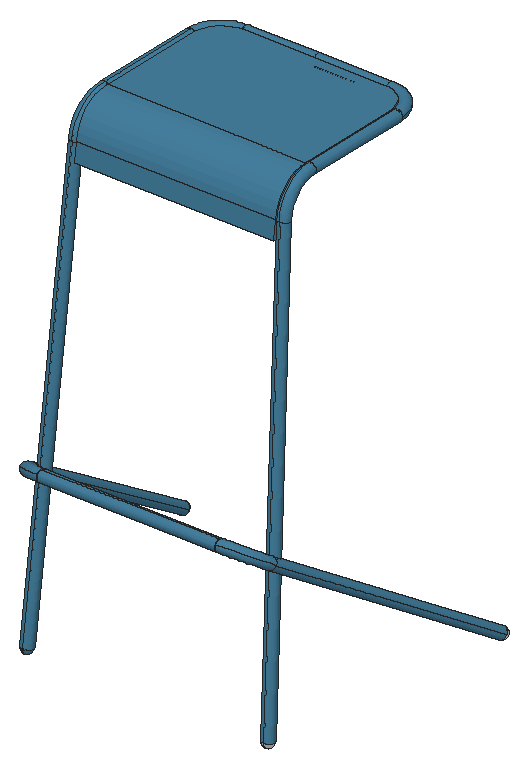
Revit family "Haworth_Alodia_Stool", category Furniture, Revit 2018
Family settings
  OmniClass Number = 23.40.70.14.64.21
  OmniClass Title = Systems Furniture
  Work Plane-Based = No
  Always vertical = Yes
  Cut with Voids When Loaded = No
  Shared = No
  Room Calculation Point = No
Parameters (values of type "HCCE-AL - High")
  Warranty = "http://www.haworth.com/resources/product-info/warranties"
  URL - Product = "http://www.haworth.com/products/Seating/Stools/alodia"
  Seat Finish [instance] = Haworth _ Paint _ Collection Blue
  Low = no
  High = not(Low)  # yes
  Foot Bar Straight = 5 211/256" * 2  # 11 83/128"
  Bar Height = 11 193/256"  # constant formula
  Model = "HCCE-AL"
  Description = "Haworth Alodia Stool"
  URL = "http://www.haworth.com/our-brands/haworth-collection"
  Size = "Verify Final Dim. w/ Haworth"  # constant formula
  Revision Number = "4"  # constant formula
  Manufacturer = "Haworth"  # constant formula
  Base Width Top = 14"  # constant formula
  Base Width Bottom = 15 3/4"  # constant formula
  Base Depth Top = 9"  # constant formula
  Author = "Haworth (Hampton)"  # constant formula
  Assembly Code = "E2020200"
  Actual Width = 21 1/4"  # constant formula
  Actual Height = if(Low, 27 1/2", 31 1/2")  # 31 1/2"
  Actual Depth = 18"  # constant formula
Types (2): name | Low | High | Actual Height
  HCCE-AL - High | no | yes | 31 1/2"
  HCCE-AL - Low | yes | no | 27 1/2"
Reference planes (in)
  plane 1 "Center F/B": y = 0
  plane 2: z = 0
  plane 3 "Center L/R": x = 0
  plane 4 "Top": z = 31.5
  plane 5 "Left": x = -7.875
  plane 6 "Right": x = 7.875
  plane 7: through (-10.71875, -180, 0) normal (-0.0262, 0, -0.9997)
  plane 8 "Base Width Top Left": x = -7
  plane 9 "Base Wdith Top Right": x = 7
  plane 10 "Base Depth Front Top": y = -4.5
  plane 11 "Base Depth Back Top": y = 4.5
  plane 12 "Bar Support": z = 11.75391
  plane 13 "Left Angle": through (-8.09543, -180, 0.71933) normal (-0.9993, 0, 0.037)
  plane 14 "Leg Bottom": through (480, -4.93142, 0.40186) normal (0, 0.0902, 0.9959)
  plane 15 "Leg Left": through (480, -4.28643, 0.34347) normal (0, -0.9959, 0.0902)
  plane 16 "Foot Bar Angle": through (480, -6.02361, 11.96806) normal (0, 0.5403, 0.8415)
  plane 17 "Foot Left": x = -5.82422
  plane 18 "Foot Right": x = 5.82422
Forms (in)
  Sweep 1, solid, material "Haworth _ Paint _ Collection Blue" <- "Seat Finish", visible <- "Low"
    path origin (-8.09591, -180, 0.70635) x (-0.037033, 0, -0.999314) y (0, -1, 0)
      loop
        line (-26.81694, -187.68263) -> (-26.81694, -180.22883)
        arc (-26.81694, -180.22883) -> (-26.22815, -178.71132) -> (-24.76995, -177.98801) r 2.25
        line (-24.76995, -177.98801) -> (0.34972, -175.71226)
    profile origin (-7.64374, -3.14986, 12.90809) x (0.003341, -0.995921, 0.090165) y (-0.999314, 0, 0.037033)
      loop
        circle (0, -0.35865) r 0.375
  Sweep 2, solid, material "Haworth _ Paint _ Collection Blue" <- "Seat Finish"
    path origin (0, 0, 31.5) x (-1, 0, 0) y (0, -1, 0)
      loop
        line (0, -9.69051) -> (4.75, -9.69051)
        arc (4.75, -9.69051) -> (6.16978, -9.10241) -> (6.75788, -7.68263) r 2.00788
    profile origin (-2.375, 9.69051, 31.5) x (0, -1, 0) y (0, 0, 1)
      loop
        circle (0, 0) r 0.375
  Revolve 3, solid, material "Haworth _ Paint _ Collection Blue" <- "Seat Finish", visible <- "Low"
    sketch origin (-7.74261, -0.00008, -0.00093) x (0.036732, 0.000062, 0.999325) y (0.003323, 0.999994, -0.000184)
      loop
        arc (0.05537, -4.5228) -> (0.20376, -4.62075) -> (0.37725, -4.65961) r 0.49231
        line (0.37725, -4.65961) -> (0.34347, -4.28643) -> (0.03649, -4.31423) -> (0.05537, -4.5228)
      axis (0.03649, -4.31423) -> (0.34347, -4.28643)
    angle from 0 to 360
  Sweep 4, solid, material "Haworth _ Paint _ Collection Blue" <- "Seat Finish", visible <- "High"
    path origin (-8.09613, -180, 0.70035) x (-0.037033, 0, -0.999314) y (0, -1, 0)
      loop
        line (-30.82782, -187.68263) -> (-30.82782, -180.59382)
        arc (-30.82782, -180.59382) -> (-30.23904, -179.0763) -> (-28.78083, -178.353) r 2.25
        line (-28.78083, -178.353) -> (0.34986, -175.71386)
    profile origin (-7.5697, -2.96657, 14.90609) x (0.003341, -0.995921, 0.090165) y (-0.999314, 0, 0.037033)
      loop
        circle (0, -0.19676) r 0.375
  Revolve 5, solid, material "Haworth _ Paint _ Collection Blue" <- "Seat Finish", visible <- "High"
    sketch origin (-7.90814, -0.00008, -0.00093) x (0.036732, 0.000062, 0.999325) y (0.003323, 0.999994, -0.000184)
      loop
        arc (0.05537, -4.5228) -> (0.20376, -4.62075) -> (0.37725, -4.65961) r 0.49231
        line (0.37725, -4.65961) -> (0.34347, -4.28643) -> (0.03649, -4.31423) -> (0.05537, -4.5228)
      axis (0.03649, -4.31423) -> (0.34347, -4.28643)
    angle from 0 to 360
  Sweep 6, solid, material "Haworth _ Paint _ Collection Blue" <- "Seat Finish", visible <- "Low"
    path origin (8.09591, -180, 0.70635) x (0.037033, 0, -0.999314) y (0, 1, 0)
      loop
        line (-26.81694, 187.68263) -> (-26.81694, 180.22883)
        arc (-26.81694, 180.22883) -> (-26.22815, 178.71132) -> (-24.76995, 177.98801) r 2.25
        line (-24.76995, 177.98801) -> (0.34972, 175.71226)
    profile origin (7.64374, -3.14986, 12.90809) x (0.003341, 0.995921, -0.090165) y (0.999314, 0, 0.037033)
      loop
        circle (0, -0.35865) r 0.375
  Sweep 7, solid, material "Haworth _ Paint _ Collection Blue" <- "Seat Finish"
    path origin (0, 0, 31.5) x (1, 0, 0) y (0, -1, 0)
      loop
        line (0, -9.69051) -> (4.75, -9.69051)
        arc (4.75, -9.69051) -> (6.16978, -9.10241) -> (6.75788, -7.68263) r 2.00788
    profile origin (2.375, 9.69051, 31.5) x (0, 1, 0) y (0, 0, 1)
      loop
        circle (0, 0) r 0.375
  Revolve 8, solid, visible <- "Low"
    sketch origin (7.74261, -0.00008, -0.00093) x (-0.036732, 0.000062, 0.999325) y (0.003323, -0.999994, 0.000184)
      loop
        line (0.05537, 4.5228) -> (0.03649, 4.31423) -> (0.34347, 4.28643) -> (0.37725, 4.65961)
        arc (0.37725, 4.65961) -> (0.20376, 4.62075) -> (0.05537, 4.5228) r 0.49231
      axis (0.03649, 4.31423) -> (0.34347, 4.28643)
    angle from 0 to 360
  Sweep 9, solid, material "Haworth _ Paint _ Collection Blue" <- "Seat Finish", visible <- "High"
    path origin (8.09613, -180, 0.70035) x (0.037033, 0, -0.999314) y (0, 1, 0)
      loop
        line (-30.82782, 187.68263) -> (-30.82782, 180.59382)
        arc (-30.82782, 180.59382) -> (-30.23904, 179.0763) -> (-28.78083, 178.353) r 2.25
        line (-28.78083, 178.353) -> (0.34986, 175.71386)
    profile origin (7.5697, -2.96657, 14.90609) x (0.003341, 0.995921, -0.090165) y (0.999314, 0, 0.037033)
      loop
        circle (0, -0.19676) r 0.375
  Revolve 10, solid, visible <- "High"
    sketch origin (7.90814, -0.00008, -0.00093) x (-0.036732, 0.000062, 0.999325) y (0.003323, -0.999994, 0.000184)
      loop
        line (0.05537, 4.5228) -> (0.03649, 4.31423) -> (0.34347, 4.28643) -> (0.37725, 4.65961)
        arc (0.37725, 4.65961) -> (0.20376, 4.62075) -> (0.05537, 4.5228) r 0.49231
      axis (0.03649, 4.31423) -> (0.34347, 4.28643)
    angle from 0 to 360
  Sweep 11, solid, material "Haworth _ Paint _ Collection Blue" <- "Seat Finish"
    path origin (0, 3.68281, 5.73541) x (0, -0.841462, 0.540317) y (1, 0, 0)
      loop
        line (-9.48457, -10.46633) -> (9.1358, -7.875)
        arc (9.1358, -7.875) -> (10.48393, -7.19168) -> (11.12768, -5.82422) r 2.32639
    profile origin (-9.17067, 3.82955, 5.64118) x (0.990455, 0.115985, -0.074476) y (0, 0.540317, 0.841462)
      loop
        circle (0, 0) r 0.375
  Revolve 12, solid, material "Haworth _ Paint _ Collection Blue" <- "Seat Finish"
    sketch origin (-10.02583, 13.99263, 4.19995) x (0.127816, -0.879587, 0.458247) y (0.116931, 0.472179, 0.873713)
      loop
        arc (0.05537, -4.5228) -> (0.20376, -4.62075) -> (0.37725, -4.65961) r 0.49231
        line (0.37725, -4.65961) -> (0.34347, -4.28643) -> (0.03649, -4.31423) -> (0.05537, -4.5228)
      axis (0.03649, -4.31423) -> (0.34347, -4.28643)
    angle from 0 to 360
  Sweep 13, solid, material "Haworth _ Paint _ Collection Blue" <- "Seat Finish"
    path origin (0, 3.68281, 5.73541) x (0, -0.841462, 0.540317) y (-1, 0, 0)
      loop
        line (-9.48457, -10.46633) -> (9.1358, -7.875)
        arc (9.1358, -7.875) -> (10.48393, -7.19168) -> (11.12768, -5.82422) r 2.32639
    profile origin (9.17067, 3.82955, 5.64118) x (0.990455, -0.115985, 0.074476) y (0, 0.540317, 0.841462)
      loop
        circle (0, 0) r 0.375
  Revolve 14, solid
    sketch origin (10.02583, 13.99263, 4.19995) x (-0.127816, -0.879587, 0.458247) y (0.116931, -0.472179, -0.873713)
      loop
        line (0.05537, 4.5228) -> (0.03649, 4.31423) -> (0.34347, 4.28643) -> (0.37725, 4.65961)
        arc (0.37725, 4.65961) -> (0.20376, 4.62075) -> (0.05537, 4.5228) r 0.49231
      axis (0.03649, 4.31423) -> (0.34347, 4.28643)
    angle from 0 to 360
  Extrusion 15, solid, material "Haworth _ Paint _ Collection Blue" <- "Seat Finish"
    sketch origin (7.875, 0, 0) x (0, 0, 1) y (0, -1, 0)
      loop
        circle (11.75391, 5.69009) r 0.375
    from -13.69922 to -2.05078
  Extrusion 16, solid, material "Haworth _ Paint _ Collection Blue" <- "Seat Finish"
    sketch origin (7.875, 0, 0) x (0, 0, 1) y (0, -1, 0)
      loop
        line (31.80597, -9.69779) -> (31.80597, -0.52082)
        arc (31.80597, -0.52082) -> (31.14917, 1.16815) -> (29.52386, 1.96966) r 2.5
        line (29.52386, 1.96966) -> (28.31973, 2.07501) -> (28.31973, 1.94953) -> (29.51297, 1.84514)
        arc (29.51297, 1.84514) -> (31.05701, 1.0837) -> (31.68097, -0.52082) r 2.375
        line (31.68097, -0.52082) -> (31.68097, -9.69779) -> (31.80597, -9.69779)
    from -14.875 to -0.875
  Extrusion 17, void
    sketch origin (0, 2.51474, 4.54288) x (0, -1, 0) y (1, 0, 0)
      loop
        line (7.30342, -6.88357) -> (6.36373, -6.54155) -> (-4.84773, -6.54155)
        arc (-4.84773, -6.54155) -> (-6.26194, -5.95576) -> (-6.84773, -4.54155) r 2
        line (-6.84773, -4.54155) -> (-6.84773, 4.54155)
        arc (-6.84773, 4.54155) -> (-6.26194, 5.95576) -> (-4.84773, 6.54155) r 2
        line (-4.84773, 6.54155) -> (6.36373, 6.54155) -> (7.30342, 6.88357) -> (7.30342, 7.63357) -> (-8.19658, 7.63357) -> (-8.19658, -7.63357) -> (7.30342, -7.63357) -> (7.30342, -6.88357)
    from 17.6949 to 29.95712
Cuts and joins
  joined: Sweep 2, Sweep 7
  Extrusion 17 cuts Extrusion 16
Lines and regions (in)
  Masking region 1
    outline origin (0, 0, 0) x (1, 0, 0) y (0, 1, 0)
      loop
        line (-7.29155, -2.63753) -> (7.29155, -2.63753) -> (7.29155, 7.61247)
        arc (7.29155, 7.61247) -> (6.55932, 9.38024) -> (4.79155, 10.11247) r 2.5
        line (4.79155, 10.11247) -> (-4.79155, 10.11247)
        arc (-4.79155, 10.11247) -> (-6.55932, 9.38024) -> (-7.29155, 7.61247) r 2.5
        line (-7.29155, 7.61247) -> (-7.29155, -2.63753)
  Masking region 2
    outline origin (0, 0, 0) x (1, 0, 0) y (0, 1, 0)
      loop
        line (-10.09491, 11.7072) -> (-10.83352, 11.57697) -> (-8.1963, -3.37945)
        arc (-8.1963, -3.37945) -> (-7.08473, -5.30473) -> (-4.99567, -6.06509) r 3.25
        line (-4.99567, -6.06509) -> (4.99567, -6.06509)
        arc (4.99567, -6.06509) -> (7.08473, -5.30473) -> (8.1963, -3.37945) r 3.25
        line (8.1963, -3.37945) -> (10.83352, 11.57697) -> (10.09491, 11.7072) -> (7.45769, -3.24921)
        arc (7.45769, -3.24921) -> (6.60264, -4.7302) -> (4.99567, -5.31509) r 2.5
        line (4.99567, -5.31509) -> (-4.99567, -5.31509)
        arc (-4.99567, -5.31509) -> (-6.60264, -4.7302) -> (-7.45769, -3.24921) r 2.5
        line (-7.45769, -3.24921) -> (-10.09491, 11.7072)
Dimensions and locks (in)
  "Actual Height": plane 4 "Top" to level
  "Base Width Bottom": plane 6 "Right" to plane 5 "Left"
  equal spacing: plane 9 "Base Wdith Top Right", plane 3 "Center L/R", plane 8 "Base Width Top Left"
  "Base Width Top": plane 9 "Base Wdith Top Right" to plane 8 "Base Width Top Left"
  equal spacing: plane 6 "Right", plane 3 "Center L/R", plane 5 "Left"
  "Bar Height": plane 12 "Bar Support" to level
  equal spacing: plane 10 "Base Depth Front Top", plane 1 "Center F/B", plane 11 "Base Depth Back Top"
  "Base Depth Top": plane 10 "Base Depth Front Top" to plane 11 "Base Depth Back Top"
  equal spacing: plane 17 "Foot Left", plane 3 "Center L/R", plane 18 "Foot Right"
  "Foot Bar Straight": plane 17 "Foot Left" to plane 18 "Foot Right"
Automatic sketch dimensions
  Sweep 1 sketch curve to plane 11 "Base Depth Back Top" = 3.18263"
  Sweep 1 sketch curve to Sweep 1 sketch curve = 2.04699"
  Sweep 1 sketch curve to plane 1 "Center F/B" = 0.22883"
  Sweep 1 sketch curve to Sweep 1 sketch curve = 2 1/4"
  plane 10 "Base Depth Front Top" to Sweep 1 sketch curve = 0.21226"
  Sweep 1 sketch curve to Sweep 1 sketch curve = 25.11967"
  profile plane to Sweep 1 sketch curve = 0"
  Sweep 1 sketch curve to plane 13 "Left Angle" = 0.35865"
  Sweep 2 sketch curve to plane 3 "Center L/R" = 0"
  plane 17 "Foot Left" to Sweep 2 sketch curve = 1 19/256"
  plane 8 "Base Width Top Left" to Sweep 2 sketch curve = 0.24212"
  Sweep 2 sketch curve to plane 11 "Base Depth Back Top" = 5.19051"
  Sweep 2 sketch curve to plane 4 "Top" = 0"
  Sweep 2 sketch curve to profile plane = 0"
  Revolve 3 sketch curve to Revolve 3 sketch curve = 0.26993"
  Revolve 3 sketch curve to Revolve 3 sketch curve = 0.01888"
  Revolve 3 sketch curve to Revolve 3 sketch curve = 0.30698"
  Revolve 3 sketch curve to Revolve 3 sketch curve = 0.32188"
  Revolve 3 sketch curve to Revolve 3 sketch curve = 0.05285"
  Revolve 3 sketch curve to Revolve 3 sketch curve = 0.73101"
  Revolve 3 sketch curve to Revolve 3 sketch curve = 0.1368"
  Revolve 3 sketch curve to Revolve 3 sketch curve = 0.02444"
  Revolve 3 sketch curve to Revolve 3 sketch curve = 0.0478"
  Sweep 4 sketch curve to plane 11 "Base Depth Back Top" = 3.18263"
  plane 1 "Center F/B" to Sweep 4 sketch curve = 1.647"
  Sweep 4 sketch curve to Sweep 4 sketch curve = 2.04699"
  Sweep 4 sketch curve to plane 1 "Center F/B" = 0.59382"
  plane 10 "Base Depth Front Top" to Sweep 4 sketch curve = 0.21386"
  Sweep 4 sketch curve to Sweep 4 sketch curve = 29.1307"
  profile plane to Sweep 4 sketch curve = 0"
  Sweep 4 sketch curve to profile plane = 0.19676"
  Revolve 5 sketch curve to Revolve 5 sketch curve = 0.26993"
  Revolve 5 sketch curve to Revolve 5 sketch curve = 0.01888"
  Revolve 5 sketch curve to Revolve 5 sketch curve = 0.30698"
  Revolve 5 sketch curve to Revolve 5 sketch curve = 0.32188"
  Revolve 5 sketch curve to Revolve 5 sketch curve = 0.05285"
  Revolve 5 sketch curve to Revolve 5 sketch curve = 0.73101"
  Revolve 5 sketch curve to Revolve 5 sketch curve = 0.1368"
  Revolve 5 sketch curve to Revolve 5 sketch curve = 0.02444"
  Revolve 5 sketch curve to Revolve 5 sketch curve = 0.0478"
  Sweep 6 sketch curve to plane 11 "Base Depth Back Top" = 3.18263"
  Sweep 6 sketch curve to Sweep 6 sketch curve = 2.04699"
  Sweep 6 sketch curve to plane 1 "Center F/B" = 0.22883"
  Sweep 6 sketch curve to Sweep 6 sketch curve = 0.20301"
  plane 10 "Base Depth Front Top" to Sweep 6 sketch curve = 0.21226"
  Sweep 6 sketch curve to Sweep 6 sketch curve = 25.11967"
  Sweep 6 sketch curve to profile plane = 0"
  Sweep 6 sketch curve to profile plane = 0.35865"
  Sweep 7 sketch curve to plane 3 "Center L/R" = 0"
  Sweep 7 sketch curve to plane 18 "Foot Right" = 1 19/256"
  Sweep 7 sketch curve to plane 9 "Base Wdith Top Right" = 0.24212"
  plane 11 "Base Depth Back Top" to Sweep 7 sketch curve = 5.19051"
  Sweep 7 sketch curve to plane 4 "Top" = 0"
  Sweep 7 sketch curve to profile plane = 0"
  Revolve 8 sketch curve to Revolve 8 sketch curve = 0.26993"
  Revolve 8 sketch curve to Revolve 8 sketch curve = 0.01888"
  Revolve 8 sketch curve to Revolve 8 sketch curve = 0.30698"
  Revolve 8 sketch curve to Revolve 8 sketch curve = 0.32188"
  Revolve 8 sketch curve to Revolve 8 sketch curve = 0.05285"
  Revolve 8 sketch curve to Revolve 8 sketch curve = 0.73101"
  Revolve 8 sketch curve to Revolve 8 sketch curve = 0.0478"
  Revolve 8 sketch curve to Revolve 8 sketch curve = 0.11877"
  Revolve 8 sketch curve to Revolve 8 sketch curve = 0.02444"
  Sweep 9 sketch curve to plane 11 "Base Depth Back Top" = 3.18263"
  plane 1 "Center F/B" to Sweep 9 sketch curve = 1.647"
  Sweep 9 sketch curve to Sweep 9 sketch curve = 2.04699"
  Sweep 9 sketch curve to plane 1 "Center F/B" = 0.59382"
  plane 10 "Base Depth Front Top" to Sweep 9 sketch curve = 0.21386"
  Sweep 9 sketch curve to Sweep 9 sketch curve = 29.1307"
  Sweep 9 sketch curve to profile plane = 0"
  Sweep 9 sketch curve to profile plane = 0.19676"
  Revolve 10 sketch curve to Revolve 10 sketch curve = 0.26993"
  Revolve 10 sketch curve to Revolve 10 sketch curve = 0.01888"
  Revolve 10 sketch curve to Revolve 10 sketch curve = 0.30698"
  Revolve 10 sketch curve to Revolve 10 sketch curve = 0.32188"
  Revolve 10 sketch curve to Revolve 10 sketch curve = 0.05285"
  Revolve 10 sketch curve to Revolve 10 sketch curve = 0.73101"
  Revolve 10 sketch curve to Revolve 10 sketch curve = 0.0478"
  Revolve 10 sketch curve to Revolve 10 sketch curve = 0.11877"
  Revolve 10 sketch curve to Revolve 10 sketch curve = 0.02444"
  Sweep 11 sketch curve to plane 5 "Left" = 0"
  Sweep 11 sketch curve to plane 17 "Foot Left" = 0"
  Sweep 11 sketch curve to plane 5 "Left" = 2.59133"
  plane 17 "Foot Left" to Sweep 11 sketch curve = 0.25341"
  Sweep 11 sketch curve to Sweep 11 sketch curve = 18.2997"
  Sweep 11 sketch curve to Sweep 11 sketch curve = 0.32067"
  Sweep 11 sketch curve to plane 16 "Foot Bar Angle" = 0"
  Sweep 11 sketch curve to profile plane = 0"
  Revolve 12 sketch curve to Revolve 12 sketch curve = 0.26993"
  Revolve 12 sketch curve to Revolve 12 sketch curve = 0.01888"
  Revolve 12 sketch curve to Revolve 12 sketch curve = 0.30698"
  Revolve 12 sketch curve to Revolve 12 sketch curve = 0.32188"
  Revolve 12 sketch curve to Revolve 12 sketch curve = 0.05285"
  Revolve 12 sketch curve to Revolve 12 sketch curve = 0.73101"
  Revolve 12 sketch curve to Revolve 12 sketch curve = 0.1368"
  Revolve 12 sketch curve to Revolve 12 sketch curve = 0.02444"
  Revolve 12 sketch curve to Revolve 12 sketch curve = 0.0478"
  Sweep 13 sketch curve to plane 6 "Right" = 0"
  Sweep 13 sketch curve to plane 18 "Foot Right" = 0"
  Sweep 13 sketch curve to plane 6 "Right" = 2.59133"
  Sweep 13 sketch curve to plane 18 "Foot Right" = 0.25341"
  Sweep 13 sketch curve to Sweep 13 sketch curve = 18.2997"
  Sweep 13 sketch curve to Sweep 13 sketch curve = 0.32067"
  Sweep 13 sketch curve to plane 16 "Foot Bar Angle" = 0"
  Sweep 13 sketch curve to profile plane = 0"
  Revolve 14 sketch curve to Revolve 14 sketch curve = 0.26993"
  Revolve 14 sketch curve to Revolve 14 sketch curve = 0.01888"
  Revolve 14 sketch curve to Revolve 14 sketch curve = 0.30698"
  Revolve 14 sketch curve to Revolve 14 sketch curve = 0.32188"
  Revolve 14 sketch curve to Revolve 14 sketch curve = 0.05285"
  Revolve 14 sketch curve to Revolve 14 sketch curve = 0.73101"
  Revolve 14 sketch curve to Revolve 14 sketch curve = 0.0478"
  Revolve 14 sketch curve to Revolve 14 sketch curve = 0.11877"
  Revolve 14 sketch curve to Revolve 14 sketch curve = 0.02444"
  Extrusion 15 sketch curve to plane 12 "Bar Support" = 0"
  Extrusion 15 sketch curve to plane 16 "Foot Bar Angle" = 0"
  Extrusion 16 sketch curve to Extrusion 16 sketch curve = 0"  (x2)
  Extrusion 16 sketch curve to plane 4 "Top" = 3.18027"
  Extrusion 16 sketch curve to plane 1 "Center F/B" = 0.52082"
  Extrusion 16 sketch curve to plane 4 "Top" = 2.19403"
  Extrusion 16 sketch curve to Extrusion 16 sketch curve = 1.19324"
  Extrusion 16 sketch curve to Extrusion 16 sketch curve = 0.01089"
  plane 4 "Top" to Extrusion 16 sketch curve = 0.18097"
  Extrusion 16 sketch curve to Extrusion 16 sketch curve = 1/8"
  Extrusion 16 sketch curve to plane 11 "Base Depth Back Top" = 5.19779"
  Extrusion 16 sketch curve to Extrusion 16 sketch curve = 0.10439"
  Extrusion 16 sketch curve to Extrusion 16 sketch curve = 0.12548"
  Extrusion 17 sketch curve to plane 6 "Right" = 0.24143"
  Extrusion 17 sketch curve to plane 11 "Base Depth Back Top" = 6.21132"
  plane 18 "Foot Right" to Extrusion 17 sketch curve = 1.28267"
  Extrusion 17 sketch curve to Extrusion 17 sketch curve = 1.34885"
  Extrusion 17 sketch curve to Extrusion 17 sketch curve = 2"  (x2)
  plane 8 "Base Width Top Left" to Extrusion 17 sketch curve = 0.45845"
  plane 1 "Center F/B" to Extrusion 17 sketch curve = 3.84898"  (x2)
  plane 1 "Center F/B" to Extrusion 17 sketch curve = 4.78868"  (x2)
  plane 8 "Base Width Top Left" to Extrusion 17 sketch curve = 0.11643"
  plane 5 "Left" to Extrusion 17 sketch curve = 0.24143"
  plane 9 "Base Wdith Top Right" to Extrusion 17 sketch curve = 0.11643"
  Masking region 1 sketch curve to plane 8 "Base Width Top Left" = 0.29155"
  plane 17 "Foot Left" to Masking region 1 sketch curve = 1.03267"
  plane 18 "Foot Right" to Masking region 1 sketch curve = 1.03267"
  Masking region 1 sketch curve to plane 9 "Base Wdith Top Right" = 0.29155"
  plane 10 "Base Depth Front Top" to Masking region 1 sketch curve = 1.86247"
  Masking region 1 sketch curve to plane 11 "Base Depth Back Top" = 3.11247"
  Masking region 2 sketch curve to Masking region 2 sketch curve = 0"  (x4)
  Masking region 2 sketch curve to plane 5 "Left" = 2.95852"
  Masking region 2 sketch curve to Masking region 2 sketch curve = 0.73861"  (x2)
  Masking region 2 sketch curve to plane 5 "Left" = 0.3213"
  plane 5 "Left" to Masking region 2 sketch curve = 0.41731"
  plane 17 "Foot Left" to Masking region 2 sketch curve = 0.82855"
  plane 18 "Foot Right" to Masking region 2 sketch curve = 0.82855"
  Masking region 2 sketch curve to plane 6 "Right" = 0.41731"
  plane 6 "Right" to Masking region 2 sketch curve = 0.3213"
  plane 6 "Right" to Masking region 2 sketch curve = 2.21991"
  Masking region 2 sketch curve to plane 10 "Base Depth Front Top" = 1.56509"
  Masking region 2 sketch curve to Masking region 2 sketch curve = 3/4"
  plane 10 "Base Depth Front Top" to Masking region 2 sketch curve = 1.12055"  (x2)
  radius of Sweep 1 sketch curve = 3/8"
  radius of Sweep 2 sketch curve = 3/8"
  radius of Sweep 4 sketch curve = 3/8"
  radius of Sweep 6 sketch curve = 3/8"
  radius of Sweep 7 sketch curve = 3/8"
  radius of Sweep 9 sketch curve = 3/8"
  radius of Sweep 11 sketch curve = 3/8"
  radius of Sweep 13 sketch curve = 3/8"
  radius of Extrusion 15 sketch curve = 3/8"
